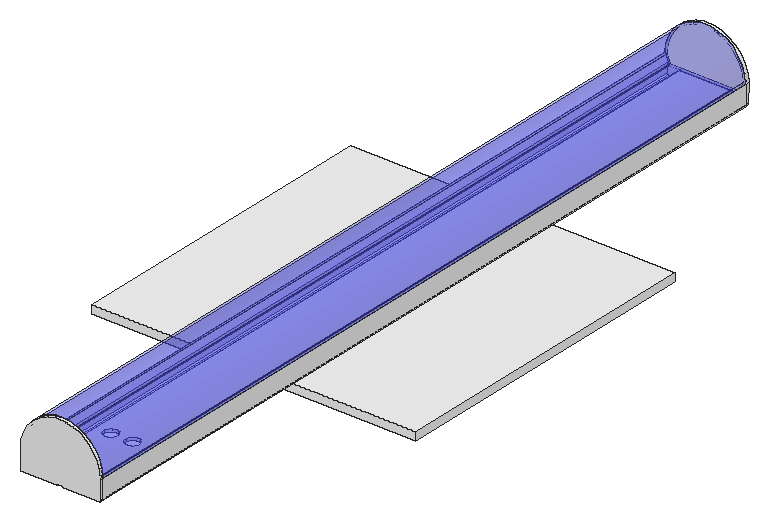
Revit family "BE_51246.1_de_DE", category Leuchten, Revit 2020
Family settings
  Basisbauteil = Fläche
  Bemaßung runder Anschluss = Durchmesser verwenden
  Teiletyp = Normal
  Beim Laden mit Abzugskörper schneiden = Ja
  Lichtquelle = Ja
  Gemeinsam genutzt = Nein
  Raumberechnungspunkt = Ja
Parameters (values of type "BEGA_51246.1_K3")
  built-in parameter 1150104 = 14.054 (stored number, unit not read)
  Wattage = 39 W
  Default Elevation = 0 mm
  built-in parameter 1150113 = 1 (stored number, unit not read)
  built-in parameter 1114218 = 1 (stored number, unit not read)
  Umgebungstemperatur = "25 °C"
  URL = "https://www.bega.com/de/produkt/51246.1"
  Typenkommentare = "© 2023 BEGA. Wir behalten uns das Recht vor, technische Änderungen ohne vorherige Ankündigung vorzunehmen."  # constant formula
  built-in parameter 1150134 = (empty or 0)
  built-in parameter 1150109 = 1 (stored number, unit not read)
  Strom = ""
  built-in parameter 1150110 = 1 (stored number, unit not read)
  Spannung = 239.996 V
  Sonderanfertigung = no
  Seriennummer [instance] = "Hier können Sie die eindeutige Seriennummer für das Facility Management eintragen."
  Schutzklasse = "I"
  Schutzart = "IP 44"
  Scheinlast = 0 VA
  Produktdatenblatt = "https://cdn.bega.com/bega/products/51246.1K3/current/documents/data-sheets/de"
  Oberflächentemperatur = ""
  Neigungswinkel = 0.00°
  Modell = "51246.1K3"
  Material_34 = BEGA_Oberfläche_Samtweiss_matt
  Material_14 = BEGA_Kunststoff_opal
  M_W = no
  M_G = no
  M_A = no
  Logo = 0
  built-in parameter 1114217 = 1 (stored number, unit not read)
  built-in parameter 1150139 = (empty or 0)
  built-in parameter 1150105 = 469.5 (stored number, unit not read)
  built-in parameter 1150114 = 1 (stored number, unit not read)
  Lumens = 5899.92 lm
  built-in parameter 1150115 = 1 (stored number, unit not read)
  Leuchtenlichtstrom = "4172 lm"
  Leuchtenanzahl = ""
  Lebensdauerkriterien = "L70B50 @ 25 °C =  h"
  Lastklassifizierung = Beleuchtung
  built-in parameter 1150112 = 1 (stored number, unit not read)
  Lampenlichtstrom = "5900 lm"
  Lampe = "LED 39 W"
  LED_Modulbezeichnung = "2x LED-1306/930 + 4x LED-1307/930"
  Hersteller = "BEGA"  # constant formula
  Halbstreuwinkel = ""
  Gewicht = "2.95 kg"
  Gebrauchslageneinschränkung [instance] = ""
  Frequenz = "0/50-60 Hz"
  Farbwiedergabeindex = "CRI > 90"
  Farbtemperaturverschiebung bei Dämpfen der Lampe = <Keine Auswahl>
  Farbtemperatur = "3000 K"
  Color Filter = 16777215
  built-in parameter 1150133 = 10 (stored number, unit not read)
  Energieeffizienzklasse = "LED A++ - A"
  built-in parameter 1150137 = (empty or 0)
  built-in parameter 1150132 = (empty or 0)
  ENEC = ""
  Dimmbar [instance] = "DALI"
  Datei für fotometrisches Netz = "BE_51246K3.ies"
  CE_Konformität = "ja"
  Bestellnummer = "51246.1K3"
  Beschreibung_Sonderanfertigung = "Hier können Sie Informationen zur Sonderanfertigung eintragen."
  Beschreibung = "Wandleuchte"
  built-in parameter 1150106 = 4.695 (stored number, unit not read)
  Befestigungsbohrung = "Ø 4,8 mm"
  Befestigungsabstand = "900 x 81 mm"
  Ballwurfsicher = ""
  BEGA_Intern_aus = yes
  BEGA_Intern_an = yes
  BEGA_Intern_Konstruktion = yes
  BEGA_Intern = yes
  BEGA_IES = yes
  BEGA_Dummy = no
  Anschlussleitung = ""
  Anschlussleistung [instance] = "44 W"
  Anschlusskasten = ""
  built-in parameter 1150107 = 3000 (stored number, unit not read)
  built-in parameter 1150102 = (empty or 0)
  built-in parameter 1150138 = (empty or 0)
  Aktualisierung = "2023-01-31T04:00:04"
  Abstand_zur_angestrahlten_Fläche [instance] = ""
  AC/DC = "AC/DC"
Reference planes
  plane 1 "Mitte (Vorne/Hinten)": y = 0
  plane 2: z = 0
  plane 3 "Mitte (Links/Rechts)": x = 0
  plane 4 "Links": x = -50
  plane 5 "Rechts": x = 50
  plane 6 "Unten": y = -498.885
  plane 7 "Oben": y = 501.098
  plane 8 "Vorne": z = 75
  plane 9 "Hinten": z = 0
Forms (mm)
  Extrusion 1, solid, material "BEGA_Platte_Weiss"
    sketch origin (0, -1119.2, 0) x (1, 0, 0) y (0, 1, 0)
      loop
        line (-200, 1319.2) -> (-200, 919.2) -> (200, 919.2) -> (200, 1319.2) -> (-200, 1319.2)
    from 0 to -10
  Extrusion 2, solid, material "BEGA_Dummy_matt", visible <- "BEGA_Dummy"
    sketch origin (80.095, -76.023, 0) x (1, 0, 0) y (0, 1, 0)
      loop
        line (-130.095, 577.121) -> (-130.095, -422.862) -> (-30.095, -422.862) -> (-30.095, 577.121) -> (-130.095, 577.121)
    from 0 to 75
Dimensions and locks
  plane 1 "Mitte (Vorne/Hinten)" to Extrusion 1 = 200 mm
  Extrusion 2 to Extrusion 2 = 999.983 mm
  aligned and locked: Extrusion 1 to plane 2
  aligned and locked: Extrusion 1 to level
Nested families
  nested 1: "BE_51246.1_Leuchte" at (0, 0, 0), type "BE_51246.1_Leuchte"
Connectors
  electrical at (0, 0, 0), driven by "Lastklassifizierung", driven by "Spannung", driven by "Scheinlast"
    settings: index 1, voltage 239.996 V, apparent load 0 VA, apparent load phase1 0 VA, apparent load phase2 0 VA, apparent load phase3 0 VA, power factor 1, load classification "Beleuchtung", number of poles 1, system type 31, power factor state 1, is connector primary yes, connector utility no, sub classification motor no, connector description ""
Definition of nested family "BE_51246.1_Leuchte"
  Parameters (values of type "BE_51246.1_Leuchte")
    Default Elevation = 1 mm
    URL = "http://www.bega.de/de/produkt"
    Type Comments = "© 2015 BEGA. Wir behalten uns das Recht vor, technische Änderungen ohne vorherige Ankündigung vorzunehmen. "  # constant formula
    Type Image = (empty or 0)
    Material_34 = none
    Material_14 = none
    Länge_Platte = 200 mm  # constant formula
    Höhe_Platte = -10 mm  # constant formula
    Manufacturer = "BEGA"  # constant formula
    Breite_Platte = 200 mm  # constant formula
  Reference planes
    plane 1 "Mitte (Oben/Unten)": y = 0
    plane 2: z = 0
    plane 3 "Mitte (Links/Rechts)": x = 0
  Forms (mm)
    Extrusion 1, solid, detail levels medium
      sketch origin (0, 0, 0) x (1, 0, 0) y (0, 1, 0)
        loop
          line (-100, 100) -> (-100, -100) -> (100, -100) -> (100, 100) -> (-100, 100)
      from 0 to -10 <- "Höhe_Platte"
    Extrusion 2, solid, material <- "Material_34"
      sketch origin (0, 0, 0) x (1, 0, 0) y (0, 0, 1)
        loop
          line (33.15, 0) -> (48.107, 0) -> (48.8, 1.2) -> (50, 1.2) -> (50, 25.072) -> (46.2, 16.923) -> (47.5, 16.317) -> (47.5, 4)
          arc (47.5, 4) -> (47.061, 2.939) -> (46, 2.5) r 1.5
          line (46, 2.5) -> (35, 2.5) -> (32.16, 11.789)
          arc (32.16, 11.789) -> (31.799, 12.303) -> (31.203, 12.5) r 1
          line (31.203, 12.5) -> (-31.203, 12.5)
          arc (-31.203, 12.5) -> (-31.799, 12.303) -> (-32.16, 11.789) r 1
          line (-32.16, 11.789) -> (-35, 2.5) -> (-46, 2.5)
          arc (-46, 2.5) -> (-47.061, 2.939) -> (-47.5, 4) r 1.5
          line (-47.5, 4) -> (-47.5, 16.317) -> (-46.2, 16.923) -> (-50, 25.072) -> (-50, 1.2) -> (-48.8, 1.2) -> (-48.107, 0) -> (-33.15, 0) -> (-30.093, 10) -> (30.093, 10) -> (33.15, 0)
      from -496.898 to 495.607
    Extrusion 3, solid, material <- "Material_14"
      sketch origin (0, 0, 0) x (1, 0, 0) y (0, 0, 1)
        loop
          line (-50, 25.072) -> (-44.404, 13.072) -> (44.404, 13.072) -> (50, 25.072)
          arc (50, 25.072) -> (0, 75.072) -> (-50, 25.072) r 50
        loop
          line (-46.995, 25.728) -> (-42.493, 16.072) -> (42.493, 16.072) -> (46.995, 25.728)
          arc (46.995, 25.728) -> (0, 72.072) -> (-46.995, 25.728) r 47
      from -496.898 to 495.607
    Extrusion 4, solid, material <- "Material_34"
      sketch origin (0, 0, 0) x (1, 0, 0) y (0, 0, 1)
        loop
          line (3.833, 0.681) -> (48.5, 0.581)
          arc (48.5, 0.581) -> (49.207, 0.874) -> (49.5, 1.581) r 1
          line (49.5, 1.581) -> (49.5, 24.881)
          arc (49.5, 24.881) -> (0, 74.381) -> (-49.5, 24.881) r 49.5
          line (-49.5, 24.881) -> (-49.5, 1.581)
          arc (-49.5, 1.581) -> (-49.207, 0.874) -> (-48.5, 0.581) r 1
          line (-48.5, 0.581) -> (-3.873, 0.581)
          arc (-3.873, 0.581) -> (-3.14, 1.524) -> (-2, 1.881) r 2
          line (-2, 1.881) -> (2, 1.881)
          arc (2, 1.881) -> (3.095, 1.554) -> (3.833, 0.681) r 2
      from 498.885 to 495.607
    Extrusion 5, solid, material <- "Material_34"
      sketch origin (0, 0, 0) x (1, 0, 0) y (0, 0, -1)
        loop
          arc (3.833, -0.681) -> (3.095, -1.554) -> (2, -1.881) r 2
          line (2, -1.881) -> (-2, -1.881)
          arc (-2, -1.881) -> (-3.14, -1.524) -> (-3.873, -0.581) r 2
          line (-3.873, -0.581) -> (-48.5, -0.581)
          arc (-48.5, -0.581) -> (-49.207, -0.874) -> (-49.5, -1.581) r 1
          line (-49.5, -1.581) -> (-49.5, -24.881)
          arc (-49.5, -24.881) -> (0, -74.381) -> (49.5, -24.881) r 49.5
          line (49.5, -24.881) -> (49.5, -1.581)
          arc (49.5, -1.581) -> (49.207, -0.874) -> (48.5, -0.581) r 1
          line (48.5, -0.581) -> (3.833, -0.681)
      from 501.098 to 496.898
    Extrusion 6, void
      sketch origin (0, 0, 0) x (1, 0, 0) y (0, 1, 0)
        loop
          circle (-40.5, 450.248) r 2.4
        loop
          circle (40.5, 450.248) r 2.4
      from 0 to 11.067
    Extrusion 7, void
      sketch origin (0, 0, 0) x (1, 0, 0) y (0, 1, 0)
        loop
          circle (-40.5, -448.957) r 2.4
        loop
          circle (40.5, -448.957) r 2.4
        loop
          circle (13.5, -403.957) r 8.5
        loop
          circle (-13.5, -403.957) r 8.5
      from 0 to 12.491
  Cuts and joins
    Extrusion 6, Extrusion 7 cuts Extrusion 2
    Extrusion 6, Extrusion 7 cuts Extrusion 3
  Dimensions and locks
    equal spacing: Extrusion 1 sketch curve, plane 3 "Mitte (Links/Rechts)", Extrusion 1 sketch curve
    equal spacing: Extrusion 1 sketch curve, plane 1 "Mitte (Oben/Unten)", Extrusion 1 sketch curve
    "Länge_Platte": Extrusion 1 sketch curve to Extrusion 1 sketch curve
    "Breite_Platte": Extrusion 1 sketch curve to Extrusion 1 sketch curve
    plane 1 "Mitte (Oben/Unten)" to Extrusion 1 = 100 mm  (x3)
    Extrusion 5 to Extrusion 4 = 999.983 mm  (x2)
    Extrusion 4 to Extrusion 5 = 999.983 mm
    aligned and locked: Extrusion 1 to plane 2
    aligned and locked: level to Extrusion 1
    aligned and locked: Extrusion 2 to Extrusion 3
  Automatic sketch dimensions
    Extrusion 2 sketch curve to level = 0 mm  (x2)
    level to Extrusion 2 sketch curve = 1.2 mm  (x2)
    Extrusion 2 sketch curve to plane 3 "Mitte (Links/Rechts)" = 50 mm
    Extrusion 2 sketch curve to Extrusion 2 sketch curve = 1.2 mm
    Extrusion 2 sketch curve to Extrusion 2 sketch curve = 0.693 mm  (x2)
    level to Extrusion 2 sketch curve = 16.317 mm
    Extrusion 2 sketch curve to Extrusion 2 sketch curve = 2.5 mm
    level to Extrusion 2 sketch curve = 16.923 mm  (x2)
    Extrusion 2 sketch curve to Extrusion 2 sketch curve = 1.3 mm  (x2)
    Extrusion 2 sketch curve to Extrusion 2 sketch curve = 1.5 mm
    level to Extrusion 2 sketch curve = 2.5 mm  (x2)
    Extrusion 2 sketch curve to Extrusion 2 sketch curve = 11 mm  (x2)
    Extrusion 2 sketch curve to Extrusion 2 sketch curve = 1.85 mm  (x2)
    level to Extrusion 2 sketch curve = 11.789 mm  (x2)
    Extrusion 2 sketch curve to Extrusion 2 sketch curve = 2.84 mm
    Extrusion 2 sketch curve to Extrusion 2 sketch curve = 0.957 mm  (x2)
    Extrusion 2 sketch curve to Extrusion 2 sketch curve = 1.11 mm  (x2)
    level to Extrusion 2 sketch curve = 10 mm
    plane 3 "Mitte (Links/Rechts)" to Extrusion 2 sketch curve = 30.093 mm
    Extrusion 2 sketch curve to Extrusion 2 sketch curve = 3.057 mm
    Extrusion 2 sketch curve to Extrusion 2 sketch curve = 0.2 mm
    Extrusion 2 sketch curve to Extrusion 2 sketch curve = 2.107 mm
    Extrusion 2 sketch curve to Extrusion 2 sketch curve = 3.8 mm
    Extrusion 2 sketch curve to Extrusion 2 sketch curve = 0.289 mm
    Extrusion 2 sketch curve to Extrusion 2 sketch curve = 0.606 mm
    Extrusion 3 sketch curve to Extrusion 3 sketch curve = 0 mm  (x2)
    Extrusion 3 sketch curve to plane 3 "Mitte (Links/Rechts)" = 0 mm
    level to Extrusion 3 sketch curve = 16.072 mm
    Extrusion 3 sketch curve to plane 3 "Mitte (Links/Rechts)" = 42.493 mm
    level to Extrusion 3 sketch curve = 13.072 mm
    Extrusion 3 sketch curve to Extrusion 3 sketch curve = 1.911 mm  (x2)
    Extrusion 3 sketch curve to Extrusion 3 sketch curve = 4.502 mm
    Extrusion 3 sketch curve to Extrusion 3 sketch curve = 3.005 mm  (x2)
    Extrusion 3 sketch curve to Extrusion 3 sketch curve = 7.507 mm
    level to Extrusion 3 sketch curve = 25.728 mm
    level to Extrusion 3 sketch curve = 25.072 mm
    Extrusion 3 sketch curve to Extrusion 3 sketch curve = 0.655 mm
    Extrusion 3 sketch curve to Extrusion 3 sketch curve = 9 mm
    Extrusion 4 sketch curve to plane 3 "Mitte (Links/Rechts)" = 0 mm
    Extrusion 4 sketch curve to level = 0.119 mm  (x2)
    Extrusion 4 sketch curve to plane 3 "Mitte (Links/Rechts)" = 2 mm
    level to Extrusion 4 sketch curve = 0.581 mm  (x2)
    Extrusion 4 sketch curve to Extrusion 4 sketch curve = 1.873 mm
    Extrusion 4 sketch curve to Extrusion 4 sketch curve = 44.627 mm
    Extrusion 4 sketch curve to Extrusion 4 sketch curve = 1 mm  (x2)
    plane 3 "Mitte (Links/Rechts)" to Extrusion 4 sketch curve = 2 mm
    level to Extrusion 4 sketch curve = 0.681 mm
    Extrusion 4 sketch curve to Extrusion 4 sketch curve = 23.3 mm
    Extrusion 5 sketch curve to plane 3 "Mitte (Links/Rechts)" = 0 mm
    Extrusion 5 sketch curve to level = 0.119 mm  (x2)
    Extrusion 5 sketch curve to plane 3 "Mitte (Links/Rechts)" = 2 mm
    level to Extrusion 5 sketch curve = 0.581 mm
    Extrusion 5 sketch curve to Extrusion 5 sketch curve = 1.873 mm
    Extrusion 5 sketch curve to Extrusion 5 sketch curve = 44.627 mm
    Extrusion 5 sketch curve to Extrusion 5 sketch curve = 1 mm  (x2)
    plane 3 "Mitte (Links/Rechts)" to Extrusion 5 sketch curve = 2 mm
    level to Extrusion 5 sketch curve = 0.681 mm
    level to Extrusion 5 sketch curve = 24.881 mm
    level to Extrusion 5 sketch curve = 1.581 mm
